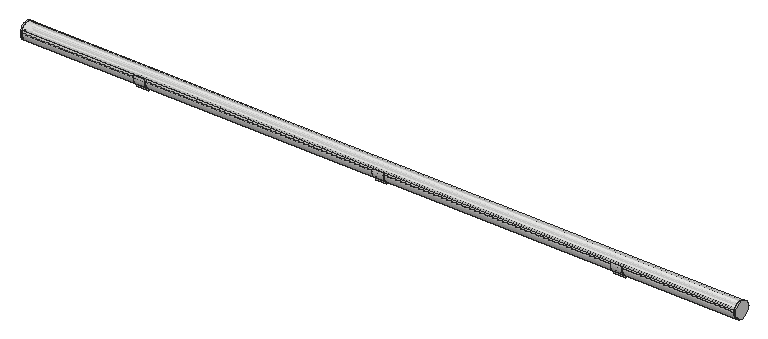
Revit family "Lighting-Luminii-Myka_Round new", category Lighting Fixtures, host Face, Revit 2020
Family settings
  Host = Face
  Round Connector Dimension = Use Diameter
  Part Type = Normal
  OmniClass Number = 23.80.70.11.14.11
  OmniClass Title = Downlights
  Cut with Voids When Loaded = No
  Light Source = Yes
  Shared = Yes
  Room Calculation Point = No
Parameters (values of type "Myka Round")
  Width = 17/32"  # constant formula
  Wattage Comments = "6 W/ft"
  Wattage = 6 W
  Warranty URL = "https://www.luminii.com/terms-conditions/"
  built-in parameter 1150110 = 1 (stored number, unit not read)
  Voltage Comments = "120VAC - 277VAC"  # constant formula
  Voltage = 120 V
  Version = "2020 - v1.0a"  # constant formula
  URL = "https://www.luminii.com/"
  built-in parameter 1114217 = 1 (stored number, unit not read)
  Tilt Angle = -90.00°  # constant formula
  built-in parameter 1150109 = 1 (stored number, unit not read)
  built-in parameter 1150134 = (empty or 0)
  built-in parameter 1150113 = 1 (stored number, unit not read)
  Support Phone = "224-699-9545"  # constant formula
  Support Email = "mailto:support@bimsmith.com"
  Right Endcap [instance] = yes
  Product Page URL = "Consult Manufacturer Website for more Information"
  Power Source Type = "Driver"  # constant formula
  Power Factor = 1
  Photometric Web File = "MKRO-48-72VHO-30K-RF.ies"
  Phase = 1
  Operating Temperature = "Consult Manufacturer Website for more Information"  # constant formula
  Number of Poles = if(and(or(Voltage = 120 V, Voltage = 277 V), Phase = 1), 1, if(and(or(Voltage = 208 V, Voltage = 240 V), Phase = 1), 2, if(and(or(Voltage = 208 V, Voltage = 240 V), Phase = 3), 3, if(and(Voltage > 300 V, Phase = 1), 2, if(and(Voltage > 400 V, Phase = 3), 3, 1)))))  # 1
  Number of Clips [instance] = Length / 8"  # 3
  Mounting Method = "Mounting Options Include: Fixed Clip"  # constant formula
  Model = "MKRO"  # constant formula
  Manufacturer Phone Number = "403-216-7043"  # constant formula
  Manufacturer Email = "mailto: info@sensolighting.com"
  Manufacturer Address = "302 50 Ave SE. Calgary, Alberta, T2G 2A9 Canada"  # constant formula
  Manufacturer = "Luminii"  # constant formula
  built-in parameter 1150105 = 24.351 (stored number, unit not read)
  Lumens = 306 lm
  Luminaire Type = "Linear Illumination System"  # constant formula
  built-in parameter 1150115 = 1 (stored number, unit not read)
  Load Classification = Lighting
  built-in parameter 1150137 = (empty or 0)
  built-in parameter 1150139 = (empty or 0)
  Lens Material = Plastic - Luminii - Frosted Lens
  Length [instance] = if(Desired Length < 12", 12", if(Desired Length > 144", 144", (round(Desired Length / 1")) * 1"))  # 24"
  Left Endcap [instance] = yes
  built-in parameter 1150112 = 1 (stored number, unit not read)
  built-in parameter 1150114 = 1 (stored number, unit not read)
  Lamp Life = 1
  Lamp = "LED"  # constant formula
  Keynote = "26 50 00"
  built-in parameter 1150132 = (empty or 0)
  built-in parameter 1150102 = (empty or 0)
  built-in parameter 1150107 = 3000 (stored number, unit not read)
  Initial Color Comments = "Perfomance based on 3000K Photometric Web File"  # constant formula
  built-in parameter 1150138 = (empty or 0)
  built-in parameter 1150106 = 0.24351 (stored number, unit not read)
  Housing Protection Rating = "Consult Manufacturer Website for more Information"  # constant formula
  Height = 73/128"  # constant formula
  Has Dimming = 1 = 1  # yes
  Has Battery Backup = 0 = 1  # no
  Frequency Comments = ""  # constant formula
  Frequency = 60 Hz
  Finish = Metal - Luminii - Silver Anodized Aluminum
  Environment = "Indoor"  # constant formula
  Emit from Line Length = 24"
  built-in parameter 1150104 = 4.7381 (stored number, unit not read)
  Dimming Type = "Consult Manufacturer Website for more Information"  # constant formula
  Dimming Lamp Color Temperature Shift = <None>
  Desired Length [instance] = 24"
  Description = "Linear Illumination System"  # constant formula
  Default Elevation = 0"  # constant formula
  Current Amps = 50 A
  Copyright = "©2024 Luminii"  # constant formula
  Control Zone = "Consult Manufacturer Website for more Information"  # constant formula
  Control Type = "Consult Manufacturer Website for more Information"  # constant formula
  Constraints = 1  # constant formula
  Color Filter = 16777215
  built-in parameter 1114216 [instance] = 0  # (empty or 0)
  built-in parameter 1140040 [instance] = 1 = 1  # 1
  CCT = "3000K"
  C Array Start [instance] = (Length - (C Array Spacing * (Number of Clips - 1))) / 2  # 4"
  C Array Spacing = 8"  # constant formula
  built-in parameter 1114218 = 1 (stored number, unit not read)
  built-in parameter 1150133 = 10 (stored number, unit not read)
  Assembly Code = "D5040.50"
  Apparent Load = Wattage / Power Factor  # 6 VA
Reference planes (in)
  plane 1 "Center (Front/Back)": y = 0
  plane 2: z = 0
  plane 3 "Center (Left/Right)": x = 0
  plane 4: x = 0
  plane 5: x = 0
  plane 6: y = 0.26562
  plane 7: y = -0.26563
  plane 8: x = -12
  plane 9: x = 12
  plane 10: z = 0.57031
  plane 11: x = 8
  plane 12: x = 0
Forms (in)
  Extrusion 1, solid, material "Metal - Luminii - Silver Anodized Aluminum", not visible
    sketch origin (0, 0, 0) x (1, 0, 0) y (0, 1, 0)
      loop
        circle (0, 0) r 0.03125
    from 0 to 0.13183
Dimensions and locks (in)
  equal spacing: plane 4, plane 3 "Center (Left/Right)", plane 5
  equal spacing: plane 6, plane 1 "Center (Front/Back)", plane 7
  plane 4 to plane 5 = 0"
  "Width": plane 6 to plane 7
  equal spacing: plane 8, plane 3 "Center (Left/Right)", plane 9
  "Length": plane 8 to plane 9
  locked: Extrusion 1 to plane 2 at 0.13183
  "Height": plane 10 to host face
  "C Array Start": plane 11 to plane 9
  "C Array Spacing": plane 12 to plane 11
  equal spacing: group 3, group 2, group 1
  equal spacing: group 1, group 2, group 3  (x2)
  aligned and locked: plane 2 to host face
  aligned and locked: plane 3 "Center (Left/Right)" to Extrusion 1 sketch curve
  aligned and locked: Extrusion 1 to level
  aligned and locked: imposter light to plane 10
  aligned and locked: plane 1 "Center (Front/Back)" to imposter light
  aligned and locked: imposter light to plane 3 "Center (Left/Right)"
  aligned and locked: plane 1 "Center (Front/Back)" to Extrusion 1 sketch curve
  aligned and locked: plane 1 "Center (Front/Back)" to nested 1
  aligned and locked: plane 5 to nested 1
  aligned and locked: plane 11 to nested 2
  aligned and locked: plane 1 "Center (Front/Back)" to nested 2
  aligned and locked: plane 12 to nested 3
  aligned and locked: plane 1 "Center (Front/Back)" to nested 3
Automatic sketch dimensions
  host sketch curve to host sketch curve = 96"  (x2)
  radius of Extrusion 1 sketch curve = 1/32"
Nested families (in)
  nested 1: "Nested Lamp" at (0, 0, 0), type "Nested Lamp"
  nested 2: "Clip" at (8, 0, 0), type "Clip"
  nested 3: "Clip" at (0, 0, 0), type "Clip"
  nested 4: "Clip" at (-8, 0, 0), type "Clip"
Connectors (in)
  electrical at (0, 0, 0), driven by "Number of Poles", driven by "Load Classification", driven by "Voltage", driven by "Apparent Load", driven by "Power Factor"
    settings: on Extrusion 1, index 1, voltage 120 V, apparent load 6 VA, apparent load phase1 0 VA, apparent load phase2 0 VA, apparent load phase3 0 VA, power factor 1, load classification "Lighting", number of poles 1, system type 30, power factor state 1, is connector primary yes, connector utility no, sub classification motor no, connector description "Power Connection"
Definition of nested family "Nested Lamp"
  Parameters (values of type "Nested Lamp")
    Right Cap = yes
    Lens = none
    Length = 24"
    Left Cap = yes
    Finish = none
    Default Elevation = 48"
    C Right Endcap = if(Right Cap, 13/256", 0")  # 13/256"
    C Left Endcap = if(Left Cap, 13/256", 0")  # 13/256"
  Reference planes (in)
    plane 1 "Center (Front/Back)": y = 0
    plane 2: z = 0
    plane 3 "Center (Left/Right)": x = 0
    plane 4: x = -11.94922
    plane 5: x = 11.94922
    plane 6: x = 12
    plane 7: x = -12
    plane 8: x = 0.1875
    plane 9: x = -0.1875
  Forms (in)
    Extrusion 1, solid
      sketch origin (0, 0, 0) x (1, 0, 0) y (0, 1, 0)
        loop
          line (-48, 48) -> (-48, -48) -> (48, -48) -> (48, 48) -> (-48, 48)
      from 0 to -12
    Sweep 2, solid, material <- "Finish", detail levels medium+fine
      path origin (0, 0, 0) x (1, 0, 0) y (0, 1, 0)
        loop
          line (-11.94922, 0) -> (11.94922, 0)
      profile origin (0, 0, 0) x (0, 1, 0) y (0, 0, 1)
        loop
          arc (-0.26167, 0.35143) -> (0, 0.03966) -> (0.26167, 0.35143) r 0.2657
          arc (0.26167, 0.35143) -> (0.19046, 0.37088) -> (0.2099, 0.29967) r 0.0425
          line (0.2099, 0.29967) -> (0.2099, 0.22383) -> (-0.2099, 0.22383) -> (-0.2099, 0.29967)
          arc (-0.2099, 0.29967) -> (-0.19046, 0.37088) -> (-0.26167, 0.35143) r 0.0425
    Sweep 3, solid, material <- "Finish", visible <- "Left Cap"
      path origin (-28, 0, 0) x (-1, 0, 0) y (0, 1, 0)
        loop
          line (-16.05078, 0) -> (-16, 0)
      profile origin (-11.97461, 0, 0) x (0, -1, 0) y (0, 0, 1)
        loop
          circle (0, 0.30535) r 0.2657
    Sweep 4, solid, material <- "Finish", visible <- "Right Cap"
      path origin (28, 0, 0) x (1, 0, 0) y (0, 1, 0)
        loop
          line (-16.05078, 0) -> (-16, 0)
      profile origin (11.97461, 0, 0) x (0, 1, 0) y (0, 0, 1)
        loop
          circle (0, 0.30535) r 0.2657
    Sweep 5, solid, material <- "Lens", detail levels medium+fine
      path origin (0, 0, 0) x (1, 0, 0) y (0, 1, 0)
        loop
          line (-11.94922, 0) -> (11.94922, 0)
      profile origin (0, 0, 0) x (0, 1, 0) y (0, 0, 1)
        loop
          line (-0.25992, 0.38744) -> (-0.225, 0.38414)
          arc (-0.225, 0.38414) -> (-0.18549, 0.35074) -> (-0.20301, 0.30207) r 0.04533
          arc (-0.20301, 0.30207) -> (-0.21025, 0.27849) -> (-0.18932, 0.26542) r 0.02024
          arc (-0.18932, 0.26542) -> (-0.14511, 0.34523) -> (-0.2, 0.41811) r 0.08379
          arc (-0.2, 0.41811) -> (0, 0.52851) -> (0.2, 0.41811) r 0.23636
          arc (0.2, 0.41811) -> (0.14511, 0.34523) -> (0.18932, 0.26542) r 0.08379
          arc (0.18932, 0.26542) -> (0.21025, 0.27849) -> (0.20301, 0.30207) r 0.02024
          arc (0.20301, 0.30207) -> (0.18549, 0.35074) -> (0.225, 0.38414) r 0.04533
          line (0.225, 0.38414) -> (0.25992, 0.38744)
          arc (0.25992, 0.38744) -> (0, 0.57105) -> (-0.25992, 0.38744) r 0.27577
    Sweep 6, solid, material <- "Finish", detail levels coarse
      path origin (0, 0, 0) x (1, 0, 0) y (0, 1, 0)
        loop
          line (-11.94922, 0) -> (11.94922, 0)
      profile origin (0, 0, 0) x (0, 1, 0) y (0, 0, 1)
        loop
          arc (-0.25375, 0.38414) -> (0, 0.03966) -> (0.25375, 0.38414) r 0.2657
          line (0.25375, 0.38414) -> (-0.25375, 0.38414)
    Sweep 7, solid, material <- "Lens", detail levels coarse
      path origin (0, 0, 0) x (1, 0, 0) y (0, 1, 0)
        loop
          line (-11.94922, 0) -> (11.94922, 0)
      profile origin (0, 0, 0) x (0, 1, 0) y (0, 0, 1)
        loop
          arc (0.26106, 0.38414) -> (0, 0.57105) -> (-0.26106, 0.38414) r 0.27577
          line (-0.26106, 0.38414) -> (0.26106, 0.38414)
  Dimensions and locks (in)
    "Length": plane 7 to plane 6
    "C Left Endcap": plane 7 to plane 4
    "C Right Endcap": plane 5 to plane 6
    locked: plane 7 to Sweep 3 sketch curve at 0.05078
    locked: Sweep 4 sketch curve to plane 6 at 0.05078
    equal spacing: plane 7, plane 3 "Center (Left/Right)", plane 6
    plane 9 to plane 3 "Center (Left/Right)" to plane 8 = 3/16" locked, 3/16" locked
    aligned and locked: plane 2 to Extrusion 1
    aligned and locked: level to Extrusion 1
    aligned and locked: plane 4 to Sweep 2 sketch curve
    aligned and locked: plane 1 "Center (Front/Back)" to Sweep 2 sketch curve
    aligned and locked: plane 5 to Sweep 2 sketch curve
    aligned and locked: Sweep 3 sketch curve to plane 1 "Center (Front/Back)"
    aligned and locked: plane 7 to Sweep 3 sketch curve
    aligned and locked: plane 1 "Center (Front/Back)" to Sweep 4 sketch curve
    aligned and locked: plane 6 to Sweep 4 sketch curve
    aligned and locked: plane 5 to Sweep 5 sketch curve
    aligned and locked: plane 4 to Sweep 5 sketch curve
    aligned and locked: plane 1 "Center (Front/Back)" to Sweep 5 sketch curve
  Automatic sketch dimensions
    Extrusion 1 sketch curve to Extrusion 1 sketch curve = 96"  (x2)
    plane 1 "Center (Front/Back)" to Sweep 6 sketch curve = 0"
    Sweep 6 sketch curve to plane 4 = 0"
    Sweep 6 sketch curve to plane 5 = 0"
    plane 1 "Center (Front/Back)" to Sweep 7 sketch curve = 0"
    Sweep 7 sketch curve to plane 4 = 0"
    Sweep 7 sketch curve to plane 5 = 0"
    Sweep 3 sketch curve to profile plane = 0"
    level to Sweep 3 sketch curve = 0.30535"
    level to Sweep 4 sketch curve = 0.30535"
    Sweep 4 sketch curve to profile plane = 0"
    Sweep 5 sketch curve to profile plane = 0"  (x2)
    profile plane to Sweep 5 sketch curve = 0.19128"
    Sweep 5 sketch curve to Sweep 5 sketch curve = 0.03372"  (x2)
    Sweep 5 sketch curve to Sweep 5 sketch curve = 0.0037"  (x2)
    Sweep 5 sketch curve to Sweep 5 sketch curve = 0.00056"  (x2)
    Sweep 5 sketch curve to Sweep 5 sketch curve = 0.03492"  (x2)
    Sweep 5 sketch curve to profile plane = 0.19128"
    level to Sweep 5 sketch curve = 0.28557"  (x2)
    Sweep 5 sketch curve to Sweep 5 sketch curve = 0.00658"
    Sweep 5 sketch curve to Sweep 5 sketch curve = 0.00313"
    Sweep 5 sketch curve to Sweep 5 sketch curve = 0.05345"  (x2)
    Sweep 5 sketch curve to Sweep 5 sketch curve = 0.00037"  (x2)
    Sweep 5 sketch curve to Sweep 5 sketch curve = 0.04475"  (x2)
    Sweep 5 sketch curve to Sweep 5 sketch curve = 0.0033"
    Sweep 5 sketch curve to Sweep 5 sketch curve = 0.00196"  (x2)
    Sweep 5 sketch curve to Sweep 5 sketch curve = 0.025"  (x2)
    Sweep 5 sketch curve to Sweep 5 sketch curve = 0"
    Sweep 7 sketch curve to profile plane = 0"
    level to Sweep 7 sketch curve = 0.29527"
    Sweep 2 sketch curve to profile plane = 0"
    profile plane to Sweep 2 sketch curve = 0.2099"
    Sweep 2 sketch curve to Sweep 2 sketch curve = 0.01061"  (x2)
    level to Sweep 2 sketch curve = 0.22383"
    Sweep 2 sketch curve to Sweep 2 sketch curve = 0.07583"  (x2)
    Sweep 2 sketch curve to Sweep 2 sketch curve = 0.00569"
    Sweep 2 sketch curve to Sweep 2 sketch curve = 0.04116"  (x4)
    Sweep 2 sketch curve to Sweep 2 sketch curve = 0"
    Sweep 6 sketch curve to profile plane = 0"
    level to Sweep 6 sketch curve = 0.30535"
    profile plane to Sweep 6 sketch curve = 0.25375"
    Sweep 6 sketch curve to Sweep 6 sketch curve = 0.07878"
    Sweep 7 sketch curve to Sweep 7 sketch curve = 0.08886"
    profile plane to Sweep 7 sketch curve = 0.26106"
    radius of Sweep 3 sketch curve = 0.2657"
    radius of Sweep 4 sketch curve = 0.2657"
Definition of nested family "Clip"
  Parameters (values of type "Clip")
    Length = 24"
    Finish = none
    Default Elevation = 48"
  Reference planes (in)
    plane 1 "Center (Front/Back)": y = 0
    plane 2: z = 0
    plane 3 "Center (Left/Right)": x = 0
    plane 4: x = 0.1875
    plane 5: x = -0.1875
  Forms (in)
    Extrusion 1, solid
      sketch origin (0, 0, 0) x (1, 0, 0) y (0, 1, 0)
        loop
          line (-48, 48) -> (-48, -48) -> (48, -48) -> (48, 48) -> (-48, 48)
      from 0 to -12
    Sweep 2, solid, material <- "Finish"
      path origin (0, 0, 0) x (1, 0, 0) y (0, 1, 0)
        loop
          line (-0.1875, 0) -> (0.1875, 0)
      profile origin (0, 0, 0) x (0, 1, 0) y (0, 0, 1)
        loop
          line (0.11, 0.07142) -> (0.11, 0.015) -> (-0.11, 0.015) -> (-0.11, 0.07142)
          arc (-0.11, 0.07142) -> (-0.23123, 0.19067) -> (-0.25149, 0.35951) r 0.25707
          line (-0.25149, 0.35951) -> (-0.21741, 0.36614) -> (-0.22337, 0.39681) -> (-0.25932, 0.38983)
          arc (-0.25932, 0.38983) -> (-0.25289, 0.20077) -> (-0.125, 0.06139) r 0.27269
          line (-0.125, 0.06139) -> (-0.125, 0) -> (0.125, 0) -> (0.125, 0.06139)
          arc (0.125, 0.06139) -> (0.25289, 0.20077) -> (0.25932, 0.38983) r 0.27269
          line (0.25932, 0.38983) -> (0.22337, 0.39681) -> (0.21741, 0.36614) -> (0.25149, 0.35951)
          arc (0.25149, 0.35951) -> (0.23123, 0.19067) -> (0.11, 0.07142) r 0.25707
  Dimensions and locks (in)
    plane 5 to plane 3 "Center (Left/Right)" to plane 4 = 3/16" locked, 3/16" locked
    aligned and locked: plane 2 to Extrusion 1
    aligned and locked: level to Extrusion 1
    aligned and locked: plane 1 "Center (Front/Back)" to Sweep 2 sketch curve
    aligned and locked: plane 4 to Sweep 2 sketch curve
    aligned and locked: plane 5 to Sweep 2 sketch curve
